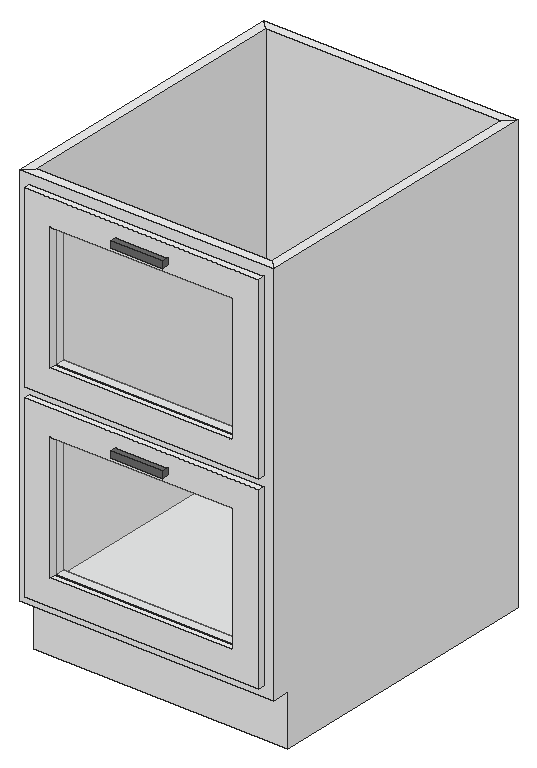
Revit family "M_Armário base-2 Compartimentos", category Componentes de gabinete, Revit 2019
Family settings
  Número OmniClass = 23.40.35.17.47.11
  Título OmniClass = Kitchen Casework
  ID de item do Seek = Base Cabinet-2 Bin-0000-CAN-ENU
  Com base no plano de trabalho = Não
  Sempre na vertical = Sim
  Corte com vazios quando carregada = Não
  Compartilhado = Não
  Ponto de cálculo do ambiente = Não
Parameters (values of type "500mm")
  Material do armário = none
  Linear = 600 mm
  Material da porta/gaveta = none
  Material do puxador = Armários - Puxadores
  Altura = 860 mm
  Material do painel = none
  Profundidade da plataforma = 35 mm
  Altura do plinto = 100 mm
  Largura = 500 mm
Types (3, lengths in mm): name | Largura
  (no name) | 500
  300mm | 300
  500mm | 500
Reference planes
  plane 1 "Parte posterior": y = 0
  plane 2: z = 0
  plane 3 "Centro": x = 18.738
  plane 4 "Esquerda": x = -231.262
  plane 5 "Direita": x = 268.738
  plane 6 "Parte frontal": y = -600
  plane 7 "Superior": z = 860
  plane 8: y = -565
  plane 9: z = 100
  plane 10: z = 840.95
  plane 11: z = 119.05
  plane 12: x = -212.212
  plane 13: x = 249.688
  plane 14: x = -32.062
  plane 15: x = 69.538
  plane 16: z = 815.55
  plane 17: z = 802.85
  plane 18: z = 480
  plane 19: x = 198.888
  plane 20: x = -161.412
  plane 21: z = 169.85
  plane 22: z = 419.675
  plane 23: z = 790.15
  plane 24: z = 540.325
  plane 25: z = 489.525
  plane 26: z = 470.475
  plane 27: z = 445.075
  plane 28: z = 432.375
Forms (mm)
  Extrusion 1, solid, material <- "Material do armário"
    sketch origin (0, 0, 0) x (1, 0, 0) y (0, 1, 0)
      loop
        line (-231.262, 0) -> (-231.262, -565) -> (268.738, -565) -> (268.738, 0) -> (-231.262, 0)
    from 0 to 100
  Sweep 2, solid, material <- "Material do armário"
    path origin (0, 0, 0) x (1, 0, 0) y (0, 1, 0)
      loop
        line (268.738, 0) -> (-231.262, 0) -> (-231.262, -600) -> (268.738, -600) -> (268.738, 0)
    profile origin (0, -300, 0) x (1, 0, 0) y (0, 0, 1)
      loop
        line (268.738, 100) -> (268.738, 860) -> (249.688, 860) -> (249.688, 100) -> (268.738, 100)
  Extrusion 3, solid, material <- "Material do armário"
    sketch origin (0, 0, 0) x (1, 0, 0) y (0, 1, 0)
      loop
        line (-212.212, -19.05) -> (-212.212, -580.95) -> (249.688, -580.95) -> (249.688, -19.05) -> (-212.212, -19.05)
    from 119.05 to 100
  Extrusion 4, void
    sketch origin (268.738, -600, 860) x (1, 0, 0) y (0, 0, -1)
      loop
        line (-430.15, 69.85) -> (-69.85, 69.85) -> (-69.85, 319.675) -> (-430.15, 319.675) -> (-430.15, 69.85)
      loop
        line (-430.15, 440.325) -> (-69.85, 440.325) -> (-69.85, 690.15) -> (-430.15, 690.15) -> (-430.15, 440.325)
    from 0 to 19.05
  Extrusion 5, solid, material <- "Material do painel"
    sketch origin (268.738, -600, 860) x (-1, 0, 0) y (0, 0, -1)
      loop
        line (430.15, 69.85) -> (430.15, 319.675) -> (69.85, 319.675) -> (69.85, 69.85) -> (430.15, 69.85)
      loop
        line (430.15, 440.325) -> (430.15, 690.15) -> (69.85, 690.15) -> (69.85, 440.325) -> (430.15, 440.325)
    from -19.05 to 0
  Extrusion 6, solid, material <- "Material da porta/gaveta"
    sketch origin (0, -600, 0) x (1, 0, 0) y (0, 0, 1)
      loop
        line (-212.212, 840.95) -> (-212.212, 489.525) -> (249.688, 489.525) -> (249.688, 840.95) -> (-212.212, 840.95)
      loop
        line (-212.212, 470.475) -> (-212.212, 119.05) -> (249.688, 119.05) -> (249.688, 470.475) -> (-212.212, 470.475)
      loop
        line (-161.412, 790.15) -> (-161.412, 540.325) -> (198.888, 540.325) -> (198.888, 790.15) -> (-161.412, 790.15)
      loop
        line (-161.412, 419.675) -> (-161.412, 169.85) -> (198.888, 169.85) -> (198.888, 419.675) -> (-161.412, 419.675)
    from 0 to 12.7
  Extrusion 7, solid, material "Armários - Puxadores" <- "Material do puxador"
    sketch origin (0, -600, 0) x (1, 0, 0) y (0, 0, 1)
      loop
        line (-32.062, 815.55) -> (-32.062, 802.85) -> (69.538, 802.85) -> (69.538, 815.55) -> (-32.062, 815.55)
      loop
        line (-32.062, 445.075) -> (-32.062, 432.375) -> (69.538, 432.375) -> (69.538, 445.075) -> (-32.062, 445.075)
    from 12.7 to 25.4
Cuts and joins
  Extrusion 4 cuts Extrusion 1
  Extrusion 4 cuts Sweep 2
  joined: Extrusion 1, Sweep 2
  Extrusion 4 cuts Extrusion 3
Lines and regions (mm)
  Masking region 1
    outline origin (0, 0, 0) x (1, 0, 0) y (0, 1, 0)
      loop
        line (-231.262, 0) -> (-231.262, -600) -> (268.738, -600) -> (268.738, 0) -> (-231.262, 0)
  model lines
    curve 1: line (-212.212, -600, 840.95) -> (249.688, -600, 840.95)
    curve 2: line (249.688, -600, 840.95) -> (249.688, -600, 489.525)
    curve 3: line (-212.212, -600, 119.05) -> (-212.212, -600, 470.475)
    curve 4: line (-32.062, -600, 815.55) -> (69.538, -600, 815.55)
    curve 5: line (-32.062, -600, 802.85) -> (-32.062, -600, 815.55)
    curve 6: line (69.538, -600, 802.85) -> (-32.062, -600, 802.85)
    curve 7: line (69.538, -600, 815.55) -> (69.538, -600, 802.85)
    curve 8: line (-212.212, -600, 489.525) -> (249.688, -600, 489.525)
    curve 9: line (-212.212, -600, 470.475) -> (249.688, -600, 470.475)
    curve 10: line (249.688, -600, 470.475) -> (249.688, -600, 119.05)
    curve 11: line (-212.212, -600, 489.525) -> (-212.212, -600, 840.95)
    curve 12: line (249.688, -600, 119.05) -> (-212.212, -600, 119.05)
    curve 13: line (-32.062, -600, 445.075) -> (69.538, -600, 445.075)
    curve 14: line (-32.062, -600, 432.375) -> (-32.062, -600, 445.075)
    curve 15: line (69.538, -600, 432.375) -> (-32.062, -600, 432.375)
    curve 16: line (69.538, -600, 445.075) -> (69.538, -600, 432.375)
Dimensions and locks
  "Linear": plane 6 "Parte frontal" to plane 1 "Parte posterior"
  "Largura": plane 4 "Esquerda" to plane 5 "Direita"
  equal spacing: plane 4 "Esquerda", plane 3 "Centro", plane 5 "Direita"
  "Altura": level to plane 7 "Superior"
  "Altura do plinto": plane 2 to plane 9
  "Profundidade da plataforma": plane 6 "Parte frontal" to plane 8
  locked: plane 4 "Esquerda" to plane 12 at 19.05
  locked: plane 13 to plane 5 "Direita" at 19.05
  locked: plane 7 "Superior" to plane 10 at 19.05
  locked: plane 11 to plane 9 at 19.05
  equal spacing: plane 10, plane 18, plane 11
  plane 21 to plane 11 = 50.8 mm
  plane 18 to plane 22 = 60.325 mm
  plane 12 to plane 20 = 50.8 mm
  plane 24 to plane 18 = 60.325 mm
  plane 10 to plane 23 = 50.8 mm
  plane 25 to plane 18 to plane 26 = 9.525 mm, 9.525 mm
  plane 10 to plane 16 to plane 17 = 25.4 mm, 12.7 mm
  plane 26 to plane 27 to plane 28 = 25.4 mm, 12.7 mm
  plane 14 to plane 3 "Centro" to plane 15 = 50.8 mm locked, 50.8 mm locked
  locked: plane 19 to plane 13 at 50.8
  aligned and locked: plane 1 "Parte posterior" to Extrusion 1 sketch curve
  aligned and locked: Extrusion 1 sketch curve to plane 5 "Direita"
  aligned and locked: Extrusion 1 sketch curve to plane 8
  aligned and locked: plane 4 "Esquerda" to Extrusion 1 sketch curve
  aligned and locked: Extrusion 1 to level
  aligned and locked: Sweep 2 sketch curve to plane 6 "Parte frontal"
  aligned and locked: plane 1 "Parte posterior" to Sweep 2 sketch curve
  aligned and locked: Sweep 2 sketch curve to plane 5 "Direita"  (x2)
  aligned and locked: plane 4 "Esquerda" to Sweep 2 sketch curve
  aligned and locked: plane 7 "Superior" to Sweep 2 sketch curve
  aligned and locked: Sweep 2 sketch curve to plane 9
  aligned and locked: Sweep 2 to Extrusion 3 sketch curve  (x2)
  aligned and locked: Extrusion 3 sketch curve to Sweep 2  (x2)
  aligned and locked: plane 11 to Extrusion 3
  aligned and locked: plane 9 to Extrusion 3
  aligned and locked: Extrusion 1 to plane 9
  aligned and locked: plane 24 to Extrusion 4 sketch curve
  aligned and locked: Extrusion 4 sketch curve to plane 23
  aligned and locked: Extrusion 4 sketch curve to plane 20  (x2)
  aligned and locked: plane 19 to Extrusion 4 sketch curve  (x2)
  aligned and locked: Extrusion 4 sketch curve to plane 21
  aligned and locked: Extrusion 4 sketch curve to plane 22
  aligned and locked: cut or joined group of Extrusion 1, Sweep 2, Extrusion 4 to Extrusion 4
  aligned and locked: plane 6 "Parte frontal" to Extrusion 4
  aligned and locked: plane 23 to Extrusion 5 sketch curve
  aligned and locked: plane 21 to Extrusion 5 sketch curve
  aligned and locked: plane 20 to Extrusion 5 sketch curve  (x2)
  aligned and locked: Extrusion 5 sketch curve to plane 19  (x2)
  aligned and locked: Extrusion 5 sketch curve to plane 24
  aligned and locked: plane 22 to Extrusion 5 sketch curve
  aligned and locked: cut or joined group of Extrusion 1, Sweep 2, Extrusion 4 to Extrusion 5
  aligned and locked: plane 6 "Parte frontal" to Extrusion 5
  aligned and locked: Masking region 1 sketch curve to plane 6 "Parte frontal"
  aligned and locked: plane 4 "Esquerda" to Masking region 1 sketch curve
  aligned and locked: plane 1 "Parte posterior" to Masking region 1 sketch curve
  aligned and locked: Masking region 1 sketch curve to plane 5 "Direita"
Automatic sketch dimensions
  profile plane to Sweep 2 sketch curve = 19.05 mm
  curve 2 to plane 13 = 0 mm
  curve 8 to plane 25 = 0 mm
  curve 4 to plane 15 = 0 mm
  curve 15 to plane 15 = 0 mm
  curve 6 to plane 14 = 0 mm
  curve 13 to plane 14 = 0 mm
  curve 9 to plane 12 = 0 mm
  curve 8 to plane 12 = 0 mm
  curve 1 to plane 10 = 0 mm
  curve 4 to plane 16 = 0 mm
  curve 7 to plane 17 = 0 mm
  curve 9 to plane 26 = 0 mm
  curve 16 to plane 27 = 0 mm
  curve 16 to plane 28 = 0 mm
  curve 10 to plane 13 = 0 mm
  curve 12 to plane 11 = 0 mm
  Extrusion 6 sketch curve to plane 10 = 0 mm
  Extrusion 6 sketch curve to plane 12 = 0 mm  (x2)
  Extrusion 6 sketch curve to plane 11 = 0 mm
  Extrusion 6 sketch curve to plane 20 = 0 mm  (x2)
  Extrusion 6 sketch curve to plane 19 = 0 mm  (x2)
  Extrusion 6 sketch curve to plane 13 = 0 mm  (x2)
  Extrusion 6 sketch curve to plane 21 = 0 mm
  Extrusion 6 sketch curve to plane 22 = 0 mm
  Extrusion 6 sketch curve to plane 26 = 0 mm
  Extrusion 6 sketch curve to plane 25 = 0 mm
  Extrusion 6 sketch curve to plane 24 = 0 mm
  Extrusion 6 sketch curve to plane 23 = 0 mm
  Extrusion 7 sketch curve to plane 14 = 0 mm  (x2)
  Extrusion 7 sketch curve to plane 15 = 0 mm  (x2)
  Extrusion 7 sketch curve to plane 28 = 0 mm
  Extrusion 7 sketch curve to plane 27 = 0 mm
  Extrusion 7 sketch curve to plane 17 = 0 mm
  Extrusion 7 sketch curve to plane 16 = 0 mm
